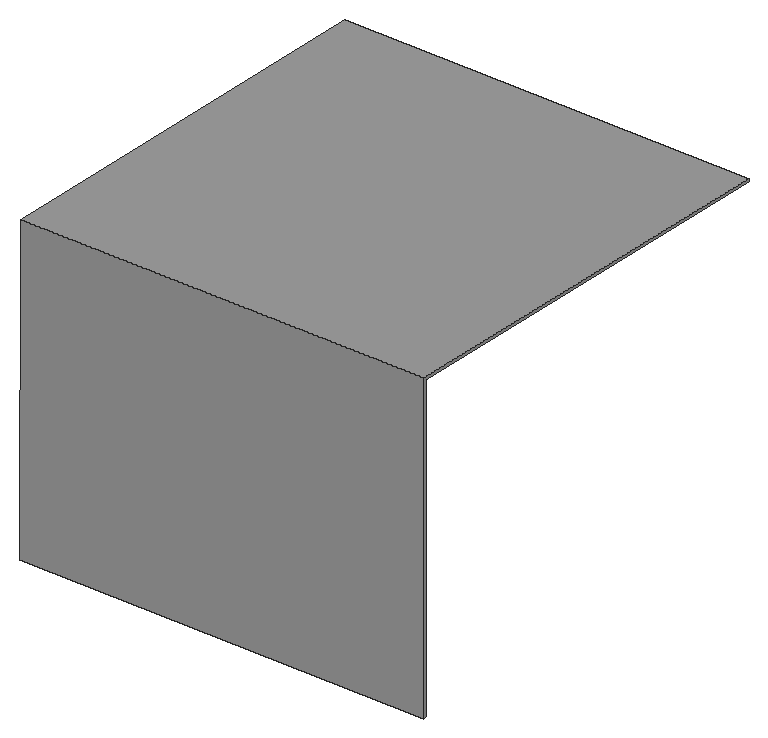
Revit family "Flashing_Preformed_Hyload_CornerCap-Ext", category Generic Models, Revit 2013
Parameters (values of type "As Specified")
  Unit Width = 0' - 8"
  Unit Height = 0' - 6"
  Unit Depth = 0' - 8 1/16"
  URL = "http://www.hyload.com/"
  Thickness = 0' - 0 1/16"
  Specification = "http://www.arcat.com/sdspecs/htm04/07_65_00hyl.htm"
  Sales Information = "http://www.hyload.com/contact-us"
  Revision = "R1_12-2015"
  Product Properties = "http://www.hyload.com/masonry-flashing/preformed-shapes/"
  Product Data = "http://www.arcat.com/arcatcos/cos33/arc33176.html"
  Model = "Exterior Corner Cap"
  Manufacturer Website = "http://www.hyload.com/"
  Manufacturer Phone - Toll Free = "800-457-4056"
  Manufacturer Phone = "330-769-3546"
  Manufacturer Fax = "330-769-4153"
  Manufacturer Address = "5020 Panther Pkwy., Seville, OH 44273"
  Manufacturer = "Hyload"
  Keynote = "07 65 00"
  Flashing Material = Hyload Flashing Membrane - Grey
  Drawn By = "Robert S. Weygant / Sumex Design"
  Description = "Preformed Hyload Masonry Flashing - Exterior Corner Cap"
  Copyright = "(c) ARCAT, Inc, 2015"
  Construction Details = "http://www.arcat.com/details/hyload/hyload.html?coid=33176"
  Assembly Code = "B3010400"
Reference planes (in)
  plane 1 "Center (Front/Back)": y = 0
  plane 2: z = 0
  plane 3 "Center (Left/Right)": x = 0
  plane 4: y = 8.0625
  plane 5: x = 8
  plane 6 "Top": z = 6
Forms (in)
  Extrusion 1, solid, material "Hyload Flashing Membrane - Grey" <- "Flashing Material"
    sketch origin (0, 0, 6) x (-1, 0, 0) y (0, -1, 0)
      loop
        line (0, -8.0625) -> (0, 0) -> (-8, 0) -> (-8, -8.0625) -> (0, -8.0625)
    from 0 to 0.0625 <- "Thickness"
  Extrusion 2, solid, material "Hyload Flashing Membrane - Grey" <- "Flashing Material"
    sketch origin (0, 0, 0) x (1, 0, 0) y (0, 1, 0)
      loop
        line (0, 8.0625) -> (0, 0) -> (8, 0) -> (8, 0.0625) -> (0.0625, 0.0625) -> (0.0625, 8.0625) -> (0, 8.0625)
    from 0 to 6 <- "Unit Height"
Cuts and joins
  joined: Extrusion 1, Extrusion 2
Dimensions and locks (in)
  "Unit Depth": plane 1 "Center (Front/Back)" to plane 4
  "Unit Width": plane 3 "Center (Left/Right)" to plane 5
  "Unit Height": plane 6 "Top" to level
  "Thickness": plane 1 "Center (Front/Back)" to Extrusion 2 sketch curve
  "Thickness": plane 3 "Center (Left/Right)" to Extrusion 2 sketch curve
  plane 3 "Center (Left/Right)" to Extrusion 2 = 0' - 8"
  aligned and locked: plane 2 to level
  aligned and locked: Extrusion 1 sketch curve to plane 4
  aligned and locked: plane 3 "Center (Left/Right)" to Extrusion 1 sketch curve
  aligned and locked: Extrusion 1 sketch curve to plane 1 "Center (Front/Back)"
  aligned and locked: Extrusion 1 sketch curve to plane 5
  aligned and locked: plane 4 to Extrusion 2 sketch curve
  aligned and locked: Extrusion 2 sketch curve to plane 3 "Center (Left/Right)"
  aligned and locked: plane 1 "Center (Front/Back)" to Extrusion 2 sketch curve
  aligned and locked: plane 5 to Extrusion 2 sketch curve
  aligned and locked: Extrusion 2 to level
